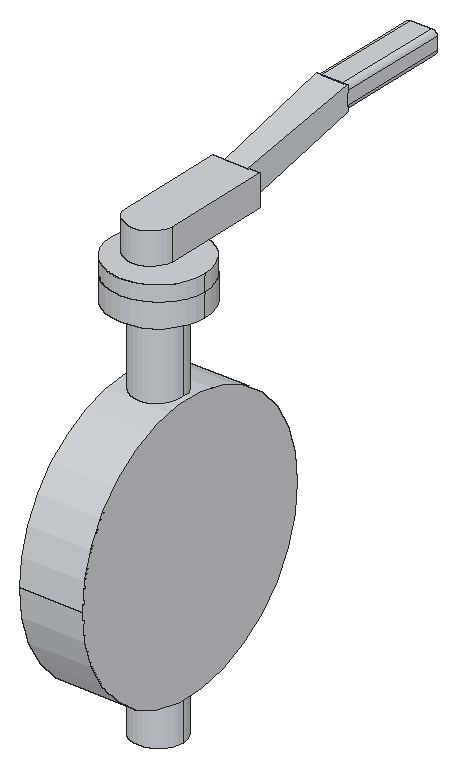
Revit family "HS497-67_disk-litina-s pákou DN200-RFA_2018", category Pipe Accessories, Revit 2018
Family settings
  Round Connector Dimension = Use Diameter
  Part Type = Valve - Breaks Into
  Work Plane-Based = No
  Always vertical = Yes
  Cut with Voids When Loaded = No
  Shared = No
Parameters (values of type "HS 497-67_DN200_PN16_s pákou")
  magiProductId = "f88d96c7af224537a51e72d7d8fffe"
  magiProductFamilyId = "53cea81e6f374d17b8841d9c72ad77"
  magiPartTypeId = 305
  isMeasuringValve [instance] = no
  ang2D [instance] = 0.00°
  X11 = 61.456 mm
  X1 = 25.456 mm
  W2D = 1000 mm
  VersionID = "2.0/2017.9.26.1/ZETKAMA_497_001"
  Use Minimum Symbol Size [instance] = yes
  URL = "http://www.hydronix.cz"
  Type Comments = "mezipřírubová; litinový disk; PN16; -10~+110°C (krátkodobě +120°C)"
  SW30 = no
  SW3 = no
  SW21 = no
  SW20 = yes
  SW2 = yes
  SW1 = no
  R = 100 mm
  QmdConnectorList = "301;D;302;D"
  Productdata [instance] = ""
  NC = 50 mm
  Model = ""
  Manufacturer = "Hydronix"  # constant formula
  MM20 = 25.456 mm
  MC Product Code = "120 200 (litinový disk, s pákou; DN200; PN16, kvs2675)"
  M41 = 66 mm
  M4 = 44 mm
  LHL = 315 mm
  LHH3 = 3.75 mm
  LHH1 = 71.25 mm
  LH1 = 105 mm
  L4R__ve = -L4R  # -12.8 mm
  L4R = 12.8 mm
  L42__ve = -L42  # -96 mm
  L42 = 96 mm
  L41__ve = -L41  # -19.2 mm
  L41 = 19.2 mm
  L2D_Min = 3048 mm
  L2D = 216 mm
  L2 = 30 mm
  L1 = 48 mm
  L = 60 mm
  H = 33 mm
  G22 = 11.25 mm
  G2 = 22.5 mm
  G1 = 90 mm
  G = 90 mm
  F = 17 mm
  E44 = 31.25 mm
  E42 = 62.5 mm
  E4 = 125 mm
  E23 = 7.5 mm
  E22 = 30 mm
  E21 = 15 mm
  Description = "Mezipřírubová uzavírací klapka s pákou; litinový disk, DN200; PN16; kvs2675"
  DR2 = 100 mm
  DR = 257 mm
  DD1 = 15.625 mm
  DD = 12.5 mm
  D = 200 mm
  CAT0 = yes
  B2__ve = -B2  # -70 mm
  B2 = 70 mm
  A2 = 22.5 mm
  A1 = 102.5 mm
Types (43, lengths in mm): name | magiProductId | X11 | X1 | Type Comments | SW30 | SW3 | SW20 | SW2 | SW1 | R | NC | MM20 | MC Product Code | M41 | M4 | LHL | LHH3 | LHH1 | LH1 | L4R__ve | L4R | L42__ve | L42 | L41__ve | L41 | L2 | L1 | L | H | G | F | E44 | E42 | E4 | E23 | E22 | E21 | Description | DR2 | DR | DD1 | DD | D | B2__ve | B2 | A2 | A1
  HS 497-67_DN100_PN16_volné vřeteno | "65d1b245f4f142c78569c0602d5754" | 61.456 | 25.456 | "mezipřírubová; litinový disk; PN16; -10~+110°C (krátkodobě +120°C)" | no | no | no | no | yes | 50 | 50 | 25.456 | "123 100 (litinový disk, s volným vřetenem; DN100; PN16, kvs512)" | 66 | 44 | 220 | 2.45 | 46.55 | 73.333 | -12.8 | 12.8 | -96 | 96 | -19.2 | 19.2 | 26 | 41.6 | 52 | 30 | 90 | 11 | 31.25 | 62.5 | 125 | 4.9 | 19.6 | 9.8 | "Mezipřírubová uzavírací klapka s volným vřetenem; litinový disk, DN100; PN16; kvs512" | 50 | 147 | 15.625 | 12.5 | 100 | -56 | 56 | 16.5 | 98.5
  HS 497-67_DN100_PN16_převodové kolo | "11e91b807e674d428c8e796fcdcfe2" | 61.456 | 25.456 | "mezipřírubová; litinový disk; PN16; -10~+110°C (krátkodobě +120°C)" | yes | yes | no | no | no | 50 | 50 | 25.456 | "125 100 (litinový disk, s převodovým kolem; DN100; PN16, kvs512)" | 65.25 | 43.5 | 220 | 2.45 | 46.55 | 73.333 | -12.8 | 12.8 | -96 | 96 | -19.2 | 19.2 | 26 | 41.6 | 52 | 30 | 90 | 11 | 31.25 | 62.5 | 125 | 4.9 | 19.6 | 9.8 | "Mezipřírubová uzavírací klapka s převodovým kolem; litinový disk, DN100; PN16; kvs512" | 50 | 147 | 15.625 | 12.5 | 100 | -56 | 56 | 16.5 | 98.5
  HS 497-67_DN100_PN16_s pákou | "28172f0b3f4b47b28323ac71cf8749" | 61.456 | 25.456 | "mezipřírubová; litinový disk; PN16; -10~+110°C (krátkodobě +120°C)" | no | no | yes | yes | no | 50 | 50 | 25.456 | "120 100 (litinový disk, s pákou; DN100; PN16, kvs512)" | 66 | 44 | 260 | 3 | 57 | 86.667 | -12.8 | 12.8 | -96 | 96 | -19.2 | 19.2 | 26 | 41.6 | 52 | 30 | 90 | 11 | 31.25 | 62.5 | 125 | 6 | 24 | 12 | "Mezipřírubová uzavírací klapka s pákou; litinový disk, DN100; PN16; kvs512" | 50 | 147 | 15.625 | 12.5 | 100 | -56 | 56 | 16.5 | 98.5
  HS 497-67_DN125_PN16_volné vřeteno | "0d813d910fc14f628bb3c2efbd185c" | 61.456 | 25.456 | "mezipřírubová; litinový disk; PN16; -10~+110°C (krátkodobě +120°C)" | no | no | no | no | yes | 62.5 | 50 | 25.456 | "123 125 (litinový disk, s volným vřetenem; DN125; PN16, kvs872)" | 66 | 44 | 220 | 2.45 | 46.55 | 73.333 | -12.8 | 12.8 | -96 | 96 | -19.2 | 19.2 | 28 | 44.8 | 56 | 33 | 90 | 14 | 31.25 | 62.5 | 125 | 4.9 | 19.6 | 9.8 | "Mezipřírubová uzavírací klapka s volným vřetenem; litinový disk, DN125; PN16; kvs872" | 62.5 | 180 | 15.625 | 12.5 | 125 | -64 | 64 | 18 | 99.5
  HS 497-67_DN125_PN16_převodové kolo | "c56b7c13f372467684996fb1e0e229" | 61.456 | 25.456 | "mezipřírubová; litinový disk; PN16; -10~+110°C (krátkodobě +120°C)" | yes | yes | no | no | no | 62.5 | 50 | 25.456 | "125 125 (litinový disk, s převodovým kolem; DN125; PN16, kvs872)" | 65.25 | 43.5 | 220 | 2.45 | 46.55 | 73.333 | -13.5 | 13.5 | -101.25 | 101.25 | -20.25 | 20.25 | 28 | 44.8 | 56 | 33 | 90 | 14 | 40 | 80 | 160 | 4.9 | 19.6 | 9.8 | "Mezipřírubová uzavírací klapka s převodovým kolem; litinový disk, DN125; PN16; kvs872" | 62.5 | 180 | 20 | 16 | 125 | -64 | 64 | 18 | 99.5
  HS 497-67_DN125_PN16_s pákou | "105993c79a91492399feef7931321a" | 61.456 | 25.456 | "mezipřírubová; litinový disk; PN16; -10~+110°C (krátkodobě +120°C)" | no | no | yes | yes | no | 62.5 | 50 | 25.456 | "120 125 (litinový disk, s pákou; DN125; PN16, kvs872)" | 66 | 44 | 315 | 3.75 | 71.25 | 105 | -12.8 | 12.8 | -96 | 96 | -19.2 | 19.2 | 28 | 44.8 | 56 | 33 | 90 | 14 | 31.25 | 62.5 | 125 | 7.5 | 30 | 15 | "Mezipřírubová uzavírací klapka s pákou; litinový disk, DN125; PN16; kvs872" | 62.5 | 180 | 15.625 | 12.5 | 125 | -64 | 64 | 18 | 99.5
  HS 497-67_DN150_PN16_volné vřeteno | "50c80cb8ab434f55ab7796e5ac1331" | 61.456 | 25.456 | "mezipřírubová; litinový disk; PN16; -10~+110°C (krátkodobě +120°C)" | no | no | no | no | yes | 75 | 50 | 25.456 | "123 150 (litinový disk, s volným vřetenem; DN150; PN16, kvs1347)" | 66 | 44 | 220 | 2.45 | 46.55 | 73.333 | -12.8 | 12.8 | -96 | 96 | -19.2 | 19.2 | 28 | 44.8 | 56 | 33 | 90 | 14 | 31.25 | 62.5 | 125 | 4.9 | 19.6 | 9.8 | "Mezipřírubová uzavírací klapka s volným vřetenem; litinový disk, DN150; PN16; kvs1347" | 75 | 206 | 15.625 | 12.5 | 150 | -58 | 58 | 19.3 | 98.7
  HS 497-67_DN150_PN16_převodové kolo | "d94a1a0cf83b476eb10011b327f709" | 61.456 | 25.456 | "mezipřírubová; litinový disk; PN16; -10~+110°C (krátkodobě +120°C)" | yes | yes | no | no | no | 75 | 50 | 25.456 | "125 150 (litinový disk, s převodovým kolem; DN150; PN16, kvs1347)" | 65.25 | 43.5 | 220 | 2.45 | 46.55 | 73.333 | -13.5 | 13.5 | -101.25 | 101.25 | -20.25 | 20.25 | 28 | 44.8 | 56 | 33 | 90 | 14 | 40 | 80 | 160 | 4.9 | 19.6 | 9.8 | "Mezipřírubová uzavírací klapka s převodovým kolem; litinový disk, DN150; PN16; kvs1347" | 75 | 206 | 20 | 16 | 150 | -58 | 58 | 19.3 | 98.7
  HS 497-67_DN150_PN16_s pákou | "4d2835523fe84828bc50ff0a5a0dfb" | 61.456 | 25.456 | "mezipřírubová; litinový disk; PN16; -10~+110°C (krátkodobě +120°C)" | no | no | yes | yes | no | 75 | 50 | 25.456 | "120 150 (litinový disk, s pákou; DN150; PN16, kvs1347)" | 66 | 44 | 315 | 3.75 | 71.25 | 105 | -12.8 | 12.8 | -96 | 96 | -19.2 | 19.2 | 28 | 44.8 | 56 | 33 | 90 | 14 | 31.25 | 62.5 | 125 | 7.5 | 30 | 15 | "Mezipřírubová uzavírací klapka s pákou; litinový disk, DN150; PN16; kvs1347" | 75 | 206 | 15.625 | 12.5 | 150 | -58 | 58 | 19.3 | 98.7
  HS 497-67_DN200_PN16_volné vřeteno | "5b29029eaeba47139ee1055a4b9201" | 61.456 | 25.456 | "mezipřírubová; litinový disk; PN16; -10~+110°C (krátkodobě +120°C)" | no | no | no | no | yes | 100 | 50 | 25.456 | "123 200 (litinový disk, s volným vřetenem; DN200; PN16, kvs2675)" | 66 | 44 | 220 | 2.45 | 46.55 | 73.333 | -12.8 | 12.8 | -96 | 96 | -19.2 | 19.2 | 30 | 48 | 60 | 33 | 90 | 17 | 31.25 | 62.5 | 125 | 4.9 | 19.6 | 9.8 | "Mezipřírubová uzavírací klapka s volným vřetenem; litinový disk, DN200; PN16; kvs2675" | 100 | 257 | 15.625 | 12.5 | 200 | -70 | 70 | 22.5 | 102.5
  HS 497-67_DN200_PN16_převodové kolo | "b2793cc1fcc44cf2a35062cd67c04f" | 61.456 | 25.456 | "mezipřírubová; litinový disk; PN16; -10~+110°C (krátkodobě +120°C)" | yes | yes | no | no | no | 100 | 57 | 25.456 | "125 200 (litinový disk, s převodovým kolem; DN200; PN16, kvs2675)" | 78.75 | 52.5 | 220 | 2.45 | 46.55 | 73.333 | -15.2 | 15.2 | -114 | 114 | -22.8 | 22.8 | 30 | 48 | 60 | 33 | 90 | 17 | 50 | 100 | 200 | 4.9 | 19.6 | 9.8 | "Mezipřírubová uzavírací klapka s převodovým kolem; litinový disk, DN200; PN16; kvs2675" | 100 | 257 | 25 | 20 | 200 | -70 | 70 | 22.5 | 102.5
  HS 497-67_DN200_PN16_s pákou | "f88d96c7af224537a51e72d7d8fffe" | 61.456 | 25.456 | "mezipřírubová; litinový disk; PN16; -10~+110°C (krátkodobě +120°C)" | no | no | yes | yes | no | 100 | 50 | 25.456 | "120 200 (litinový disk, s pákou; DN200; PN16, kvs2675)" | 66 | 44 | 315 | 3.75 | 71.25 | 105 | -12.8 | 12.8 | -96 | 96 | -19.2 | 19.2 | 30 | 48 | 60 | 33 | 90 | 17 | 31.25 | 62.5 | 125 | 7.5 | 30 | 15 | "Mezipřírubová uzavírací klapka s pákou; litinový disk, DN200; PN16; kvs2675" | 100 | 257 | 15.625 | 12.5 | 200 | -70 | 70 | 22.5 | 102.5
  HS 497-67_DN250_PN16_volné vřeteno | "b662e8305ca2402b9c510e66e6aa55" | 88.77 | 36.77 | "mezipřírubová; litinový disk; PN16; -10~+110°C (krátkodobě +120°C)" | no | no | no | no | yes | 125 | 50 | 36.77 | "123 250 (litinový disk, s volným vřetenem; DN250; PN16, kvs4555)" | 66 | 44 | 220 | 2.45 | 46.55 | 73.333 | -12.8 | 12.8 | -96 | 96 | -19.2 | 19.2 | 34 | 54.4 | 68 | 23 | 130 | 22 | 31.25 | 62.5 | 125 | 4.9 | 19.6 | 9.8 | "Mezipřírubová uzavírací klapka s volným vřetenem; litinový disk, DN250; PN16; kvs4555" | 125 | 324 | 15.625 | 12.5 | 250 | -85 | 85 | 28.25 | 129.25
  HS 497-67_DN250_PN16_převodové kolo | "5ee9016806664ddfaa2632711f295c" | 88.77 | 36.77 | "mezipřírubová; litinový disk; PN16; -10~+110°C (krátkodobě +120°C)" | yes | yes | no | no | no | 125 | 70 | 36.77 | "125 250 (litinový disk, s převodovým kolem; DN250; PN16, kvs4555)" | 91.5 | 61 | 220 | 2.45 | 46.55 | 73.333 | -22.2 | 22.2 | -166.5 | 166.5 | -33.3 | 33.3 | 34 | 54.4 | 68 | 23 | 130 | 22 | 62.5 | 125 | 250 | 4.9 | 19.6 | 9.8 | "Mezipřírubová uzavírací klapka s převodovým kolem; litinový disk, DN250; PN16; kvs4555" | 125 | 324 | 31.25 | 25 | 250 | -85 | 85 | 28.25 | 129.25
  HS 497-67_DN300_PN16_volné vřeteno | "e1886f51ff004380a649519258edf2" | 88.77 | 36.77 | "mezipřírubová; litinový disk; PN16; -10~+110°C (krátkodobě +120°C)" | no | no | no | no | yes | 150 | 50 | 36.77 | "123 300 (litinový disk, s volným vřetenem; DN300; PN16, kvs7037)" | 66 | 44 | 220 | 2.45 | 46.55 | 73.333 | -12.8 | 12.8 | -96 | 96 | -19.2 | 19.2 | 39 | 62.4 | 78 | 23 | 130 | 22 | 31.25 | 62.5 | 125 | 4.9 | 19.6 | 9.8 | "Mezipřírubová uzavírací klapka s volným vřetenem; litinový disk, DN300; PN16; kvs7037" | 150 | 376 | 15.625 | 12.5 | 300 | -90 | 90 | 30.8 | 127.2
  HS 497-67_DN300_PN16_převodové kolo | "6860f094f77d42088fbebc3c97f755" | 88.77 | 36.77 | "mezipřírubová; litinový disk; PN16; -10~+110°C (krátkodobě +120°C)" | yes | yes | no | no | no | 150 | 70 | 36.77 | "125 300 (litinový disk, s převodovým kolem; DN300; PN16, kvs7037)" | 91.5 | 61 | 220 | 2.45 | 46.55 | 73.333 | -22.2 | 22.2 | -166.5 | 166.5 | -33.3 | 33.3 | 39 | 62.4 | 78 | 23 | 130 | 22 | 62.5 | 125 | 250 | 4.9 | 19.6 | 9.8 | "Mezipřírubová uzavírací klapka s převodovým kolem; litinový disk, DN300; PN16; kvs7037" | 150 | 376 | 31.25 | 25 | 300 | -90 | 90 | 30.8 | 127.2
  HS 497-67_DN032_PN16_volné vřeteno | "8c5f65de52aa4067a77564107e31b2" | 61.456 | 25.456 | "mezipřírubová; litinový disk; PN16; -10~+110°C (krátkodobě +120°C)" | no | no | no | no | yes | 16 | 50 | 25.456 | "123 032 (litinový disk, s volným vřetenem; DN32; PN16, kvs78)" | 66 | 44 | 220 | 2.45 | 46.55 | 73.333 | -12.8 | 12.8 | -96 | 96 | -19.2 | 19.2 | 16.5 | 26.4 | 33 | 30 | 90 | 11 | 31.25 | 62.5 | 125 | 4.9 | 19.6 | 9.8 | "Mezipřírubová uzavírací klapka s volným vřetenem; litinový disk, DN32; PN16; kvs78" | 16 | 68 | 15.625 | 12.5 | 32 | -44.2 | 44.2 | 10.25 | 76.25
  HS 497-67_DN032_PN16_převodové kolo | "60aaeffa8b3a4e809ef000e4660060" | 61.456 | 25.456 | "mezipřírubová; litinový disk; PN16; -10~+110°C (krátkodobě +120°C)" | yes | yes | no | no | no | 16 | 50 | 25.456 | "125 032 (litinový disk, s převodovým kolem; DN32; PN16, kvs78)" | 65.25 | 43.5 | 220 | 2.45 | 46.55 | 73.333 | -12.8 | 12.8 | -96 | 96 | -19.2 | 19.2 | 16.5 | 26.4 | 33 | 30 | 90 | 11 | 31.25 | 62.5 | 125 | 4.9 | 19.6 | 9.8 | "Mezipřírubová uzavírací klapka s převodovým kolem; litinový disk, DN32; PN16; kvs78" | 16 | 68 | 15.625 | 12.5 | 32 | -44.2 | 44.2 | 10.25 | 76.25
  HS 497-67_DN032_PN16_s pákou | "9ad8088d610749a1b871aa2aad8007" | 61.456 | 25.456 | "mezipřírubová; litinový disk; PN16; -10~+110°C (krátkodobě +120°C)" | no | no | yes | yes | no | 16 | 50 | 25.456 | "120 032 (litinový disk, s pákou; DN32; PN16, kvs78)" | 66 | 44 | 220 | 2.45 | 46.55 | 73.333 | -12.8 | 12.8 | -96 | 96 | -19.2 | 19.2 | 16.5 | 26.4 | 33 | 30 | 90 | 11 | 31.25 | 62.5 | 125 | 4.9 | 19.6 | 9.8 | "Mezipřírubová uzavírací klapka s pákou; litinový disk, DN32; PN16; kvs78" | 16 | 68 | 15.625 | 12.5 | 32 | -44.2 | 44.2 | 10.25 | 76.25
  HS 497-67_DN350_PN10_volné vřeteno | "72a1e05f22944421b7e9596a877137" | 109.255 | 45.255 | "mezipřírubová; litinový disk; PN10; -10~+110°C (krátkodobě +120°C)" | no | no | no | no | yes | 175 | 50 | 45.255 | "123 350 (litinový disk, s volným vřetenem; DN350; PN10, kvs10165)" | 66 | 44 | 220 | 2.45 | 46.55 | 73.333 | -12.8 | 12.8 | -96 | 96 | -19.2 | 19.2 | 39 | 62.4 | 78 | 31 | 160 | 22 | 31.25 | 62.5 | 125 | 4.9 | 19.6 | 9.8 | "Mezipřírubová uzavírací klapka s volným vřetenem; litinový disk, DN350; PN10; kvs10165" | 175 | 430 | 15.625 | 12.5 | 350 | -88 | 88 | 33.85 | 129.65
  HS 497-67_DN350_PN10_převodové kolo | "a5a01426cb28494ba3afca92f1dace" | 109.255 | 45.255 | "mezipřírubová; litinový disk; PN10; -10~+110°C (krátkodobě +120°C)" | yes | yes | no | no | no | 175 | 70 | 45.255 | "125 350 (litinový disk, s převodovým kolem; DN350; PN10, kvs10165)" | 91.5 | 61 | 220 | 2.45 | 46.55 | 73.333 | -22.2 | 22.2 | -166.5 | 166.5 | -33.3 | 33.3 | 39 | 62.4 | 78 | 31 | 160 | 22 | 62.5 | 125 | 250 | 4.9 | 19.6 | 9.8 | "Mezipřírubová uzavírací klapka s převodovým kolem; litinový disk, DN350; PN10; kvs10165" | 175 | 430 | 31.25 | 25 | 350 | -88 | 88 | 33.85 | 129.65
  HS 497-67_DN400_PN10_volné vřeteno | "c70ebeb927c04ab99b176e257ad0a7" | 109.255 | 45.255 | "mezipřírubová; litinový disk; PN10; -10~+110°C (krátkodobě +120°C)" | no | no | no | no | yes | 200 | 50 | 45.255 | "123 400 (litinový disk, s volným vřetenem; DN400; PN10, kvs13799)" | 66 | 44 | 220 | 2.45 | 46.55 | 73.333 | -12.8 | 12.8 | -96 | 96 | -19.2 | 19.2 | 51 | 81.6 | 102 | 31 | 160 | 27 | 31.25 | 62.5 | 125 | 4.9 | 19.6 | 9.8 | "Mezipřírubová uzavírací klapka s volným vřetenem; litinový disk, DN400; PN10; kvs13799" | 200 | 485 | 15.625 | 12.5 | 400 | -108 | 108 | 38 | 142
  HS 497-67_DN400_PN10_převodové kolo | "cc64a4384dcb41b780d81810f4f293" | 109.255 | 45.255 | "mezipřírubová; litinový disk; PN10; -10~+110°C (krátkodobě +120°C)" | yes | yes | no | no | no | 200 | 72.5 | 45.255 | "125 400 (litinový disk, s převodovým kolem; DN400; PN10, kvs13799)" | 103.5 | 69 | 220 | 2.45 | 46.55 | 73.333 | -27.8 | 27.8 | -208.5 | 208.5 | -41.7 | 41.7 | 51 | 81.6 | 102 | 31 | 160 | 27 | 75 | 150 | 300 | 4.9 | 19.6 | 9.8 | "Mezipřírubová uzavírací klapka s převodovým kolem; litinový disk, DN400; PN10; kvs13799" | 200 | 485 | 37.5 | 30 | 400 | -108 | 108 | 38 | 142
  HS 497-67_DN040_PN16_volné vřeteno | "35f92312390745e88df5b5c325d9ee" | 61.456 | 25.456 | "mezipřírubová; litinový disk; PN16; -10~+110°C (krátkodobě +120°C)" | no | no | no | no | yes | 20 | 50 | 25.456 | "123 040 (litinový disk, s volným vřetenem; DN40; PN16, kvs78)" | 66 | 44 | 220 | 2.45 | 46.55 | 73.333 | -12.8 | 12.8 | -96 | 96 | -19.2 | 19.2 | 16.5 | 26.4 | 33 | 30 | 90 | 11 | 31.25 | 62.5 | 125 | 4.9 | 19.6 | 9.8 | "Mezipřírubová uzavírací klapka s volným vřetenem; litinový disk, DN40; PN16; kvs78" | 20 | 76 | 15.625 | 12.5 | 40 | -36 | 36 | 11 | 79
  HS 497-67_DN040_PN16_převodové kolo | "d88e968eae3445bc9b7b4e6ff35127" | 61.456 | 25.456 | "mezipřírubová; litinový disk; PN16; -10~+110°C (krátkodobě +120°C)" | yes | yes | no | no | no | 20 | 50 | 25.456 | "125 040 (litinový disk, s převodovým kolem; DN40; PN16, kvs78)" | 65.25 | 43.5 | 220 | 2.45 | 46.55 | 73.333 | -12.8 | 12.8 | -96 | 96 | -19.2 | 19.2 | 16.5 | 26.4 | 33 | 30 | 90 | 11 | 31.25 | 62.5 | 125 | 4.9 | 19.6 | 9.8 | "Mezipřírubová uzavírací klapka s převodovým kolem; litinový disk, DN40; PN16; kvs78" | 20 | 76 | 15.625 | 12.5 | 40 | -36 | 36 | 11 | 79
  HS 497-67_DN040_PN16_s pákou | "c1b522ca65b4407a98818f232eaacb" | 61.456 | 25.456 | "mezipřírubová; litinový disk; PN16; -10~+110°C (krátkodobě +120°C)" | no | no | yes | yes | no | 20 | 50 | 25.456 | "120 040 (litinový disk, s pákou; DN40; PN16, kvs78)" | 66 | 44 | 220 | 2.45 | 46.55 | 73.333 | -12.8 | 12.8 | -96 | 96 | -19.2 | 19.2 | 16.5 | 26.4 | 33 | 30 | 90 | 11 | 31.25 | 62.5 | 125 | 4.9 | 19.6 | 9.8 | "Mezipřírubová uzavírací klapka s pákou; litinový disk, DN40; PN16; kvs78" | 20 | 76 | 15.625 | 12.5 | 40 | -36 | 36 | 11 | 79
  HS 497-67_DN450_PN10_volné vřeteno | "a8358bc282f14872b3194e530e590a" | 129.74 | 53.74 | "mezipřírubová; litinový disk; PN10; -10~+110°C (krátkodobě +120°C)" | no | no | no | no | yes | 225 | 50 | 53.74 | "123 450 (litinový disk, s volným vřetenem; DN450; PN10, kvs18514)" | 66 | 44 | 220 | 2.45 | 46.55 | 73.333 | -12.8 | 12.8 | -96 | 96 | -19.2 | 19.2 | 57 | 91.2 | 114 | 38 | 190 | 36 | 31.25 | 62.5 | 125 | 4.9 | 19.6 | 9.8 | "Mezipřírubová uzavírací klapka s volným vřetenem; litinový disk, DN450; PN10; kvs18514" | 225 | 536 | 15.625 | 12.5 | 450 | -115 | 115 | 38.05 | 117.45
  HS 497-67_DN450_PN10_převodové kolo | "cdf2d80f54a9414f9cbe50647c0ebd" | 129.74 | 53.74 | "mezipřírubová; litinový disk; PN10; -10~+110°C (krátkodobě +120°C)" | yes | yes | no | no | no | 225 | 91.5 | 53.74 | "125 450 (litinový disk, s převodovým kolem; DN450; PN10, kvs18514)" | 144.75 | 96.5 | 220 | 2.45 | 46.55 | 73.333 | -32.1 | 32.1 | -240.75 | 240.75 | -48.15 | 48.15 | 57 | 91.2 | 114 | 38 | 190 | 36 | 100 | 200 | 400 | 4.9 | 19.6 | 9.8 | "Mezipřírubová uzavírací klapka s převodovým kolem; litinový disk, DN450; PN10; kvs18514" | 225 | 536 | 50 | 40 | 450 | -115 | 115 | 38.05 | 117.45
  HS 497-67_DN500_PN10_volné vřeteno | "8c396e27bb2743f98f3c762b6517cd" | 143.397 | 59.397 | "mezipřírubová; litinový disk; PN10; -10~+110°C (krátkodobě +120°C)" | no | no | no | no | yes | 250 | 50 | 59.397 | "123 500 (litinový disk, s volným vřetenem; DN500; PN10, kvs23805)" | 66 | 44 | 220 | 2.45 | 46.55 | 73.333 | -12.8 | 12.8 | -96 | 96 | -19.2 | 19.2 | 63.5 | 101.6 | 127 | 38 | 210 | 36 | 31.25 | 62.5 | 125 | 4.9 | 19.6 | 9.8 | "Mezipřírubová uzavírací klapka s volným vřetenem; litinový disk, DN500; PN10; kvs23805" | 250 | 593 | 15.625 | 12.5 | 500 | -130 | 130 | 43.25 | 139.25
  HS 497-67_DN500_PN10_převodové kolo | "7647804f32e94cef828a7034a91a46" | 143.397 | 59.397 | "mezipřírubová; litinový disk; PN10; -10~+110°C (krátkodobě +120°C)" | yes | yes | no | no | no | 250 | 91.5 | 59.397 | "125 500 (litinový disk, s převodovým kolem; DN500; PN10, kvs23805)" | 144.75 | 96.5 | 220 | 2.45 | 46.55 | 73.333 | -32.1 | 32.1 | -240.75 | 240.75 | -48.15 | 48.15 | 63.5 | 101.6 | 127 | 38 | 210 | 36 | 100 | 200 | 400 | 4.9 | 19.6 | 9.8 | "Mezipřírubová uzavírací klapka s převodovým kolem; litinový disk, DN500; PN10; kvs23805" | 250 | 593 | 50 | 40 | 500 | -130 | 130 | 43.25 | 139.25
  HS 497-67_DN050_PN16_volné vřeteno | "d71f296ecd6d4adf8f6e5d9853b4e0" | 61.456 | 25.456 | "mezipřírubová; litinový disk; PN16; -10~+110°C (krátkodobě +120°C)" | no | no | no | no | yes | 25 | 50 | 25.456 | "123 050 (litinový disk, s volným vřetenem; DN50; PN16, kvs98)" | 66 | 44 | 220 | 2.45 | 46.55 | 73.333 | -12.8 | 12.8 | -96 | 96 | -19.2 | 19.2 | 21.5 | 34.4 | 43 | 30 | 90 | 11 | 31.25 | 62.5 | 125 | 4.9 | 19.6 | 9.8 | "Mezipřírubová uzavírací klapka s volným vřetenem; litinový disk, DN50; PN16; kvs98" | 25 | 100 | 15.625 | 12.5 | 50 | -36.5 | 36.5 | 12 | 83
  HS 497-67_DN050_PN16_převodové kolo | "2fb080deeaed49c58418b94c1da5a4" | 61.456 | 25.456 | "mezipřírubová; litinový disk; PN16; -10~+110°C (krátkodobě +120°C)" | yes | yes | no | no | no | 25 | 50 | 25.456 | "125 050 (litinový disk, s převodovým kolem; DN50; PN16, kvs98)" | 65.25 | 43.5 | 220 | 2.45 | 46.55 | 73.333 | -12.8 | 12.8 | -96 | 96 | -19.2 | 19.2 | 21.5 | 34.4 | 43 | 30 | 90 | 11 | 31.25 | 62.5 | 125 | 4.9 | 19.6 | 9.8 | "Mezipřírubová uzavírací klapka s převodovým kolem; litinový disk, DN50; PN16; kvs98" | 25 | 100 | 15.625 | 12.5 | 50 | -36.5 | 36.5 | 12 | 83
  HS 497-67_DN050_PN16_s pákou | "dabc632061f94877a994b9b4e68112" | 61.456 | 25.456 | "mezipřírubová; litinový disk; PN16; -10~+110°C (krátkodobě +120°C)" | no | no | yes | yes | no | 25 | 50 | 25.456 | "120 050 (litinový disk, s pákou; DN50; PN16, kvs98)" | 66 | 44 | 220 | 2.45 | 46.55 | 73.333 | -12.8 | 12.8 | -96 | 96 | -19.2 | 19.2 | 21.5 | 34.4 | 43 | 30 | 90 | 11 | 31.25 | 62.5 | 125 | 4.9 | 19.6 | 9.8 | "Mezipřírubová uzavírací klapka s pákou; litinový disk, DN50; PN16; kvs98" | 25 | 100 | 15.625 | 12.5 | 50 | -36.5 | 36.5 | 12 | 83
  HS 497-67_DN600_PN10_volné vřeteno | "99d5892c14664fce81a7c5903f7711" | 143.397 | 59.397 | "mezipřírubová; litinový disk; PN10; -10~+110°C (krátkodobě +120°C)" | no | no | no | no | yes | 300 | 50 | 59.397 | "123 600 (litinový disk, s volným vřetenem; DN600; PN10, kvs36778)" | 66 | 44 | 220 | 2.45 | 46.55 | 73.333 | -12.8 | 12.8 | -96 | 96 | -19.2 | 19.2 | 77 | 123.2 | 154 | 80 | 210 | 60 | 31.25 | 62.5 | 125 | 4.9 | 19.6 | 9.8 | "Mezipřírubová uzavírací klapka s volným vřetenem; litinový disk, DN600; PN10; kvs36788" | 300 | 690 | 15.625 | 12.5 | 600 | -140 | 140 | 49.4 | 144.6
  HS 497-67_DN600_PN10_převodové kolo | "b1e26faab48a4c499f6bb11e7e3002" | 143.397 | 59.397 | "mezipřírubová; litinový disk; PN10; -10~+110°C (krátkodobě +120°C)" | yes | yes | no | no | no | 300 | 140 | 59.397 | "125 600 (litinový disk, s převodovým kolem; DN600; PN10, kvs36778)" | 206.25 | 137.5 | 220 | 2.45 | 46.55 | 73.333 | -40.8 | 40.8 | -306 | 306 | -61.2 | 61.2 | 77 | 123.2 | 154 | 80 | 210 | 60 | 125 | 250 | 500 | 4.9 | 19.6 | 9.8 | "Mezipřírubová uzavírací klapka s převodovým kolem; litinový disk, DN600; PN10; kvs36788" | 300 | 690 | 62.5 | 50 | 600 | -140 | 140 | 49.4 | 144.6
  HS 497-67_DN065_PN16_volné vřeteno | "5e5e208646e34ec29f889baab5d08e" | 61.456 | 25.456 | "mezipřírubová; litinový disk; PN16; -10~+110°C (krátkodobě +120°C)" | no | no | no | no | yes | 32.5 | 50 | 25.456 | "123 065 (litinový disk, s volným vřetenem; DN65; PN16, kvs167)" | 66 | 44 | 220 | 2.45 | 46.55 | 73.333 | -12.8 | 12.8 | -96 | 96 | -19.2 | 19.2 | 23 | 36.8 | 46 | 30 | 90 | 11 | 31.25 | 62.5 | 125 | 4.9 | 19.6 | 9.8 | "Mezipřírubová uzavírací klapka s volným vřetenem; litinový disk, DN65; PN16; kv167" | 32.5 | 108 | 15.625 | 12.5 | 65 | -36.5 | 36.5 | 13.5 | 89
  HS 497-67_DN065_PN16_převodové kolo | "654d74c8d15540b0bfe523d988ccb3" | 61.456 | 25.456 | "mezipřírubová; litinový disk; PN16; -10~+110°C (krátkodobě +120°C)" | yes | yes | no | no | no | 32.5 | 50 | 25.456 | "125 065 (litinový disk, s převodovým kolem; DN65; PN16, kvs167)" | 65.25 | 43.5 | 220 | 2.45 | 46.55 | 73.333 | -12.8 | 12.8 | -96 | 96 | -19.2 | 19.2 | 23 | 36.8 | 46 | 30 | 90 | 11 | 31.25 | 62.5 | 125 | 4.9 | 19.6 | 9.8 | "Mezipřírubová uzavírací klapka s převodovým kolem; litinový disk, DN65; PN16; kvs167" | 32.5 | 108 | 15.625 | 12.5 | 65 | -36.5 | 36.5 | 13.5 | 89
  HS 497-67_DN065_PN16_s pákou | "ebeb4b59db0641caaf6d6635ab37b9" | 61.456 | 25.456 | "mezipřírubová; litinový disk; PN16; -10~+110°C (krátkodobě +120°C)" | no | no | yes | yes | no | 32.5 | 50 | 25.456 | "120 065 (litinový disk, s pákou; DN65; PN16, kvs167)" | 66 | 44 | 220 | 2.45 | 46.55 | 73.333 | -12.8 | 12.8 | -96 | 96 | -19.2 | 19.2 | 23 | 36.8 | 46 | 30 | 90 | 11 | 31.25 | 62.5 | 125 | 4.9 | 19.6 | 9.8 | "Mezipřírubová uzavírací klapka s pákou; litinový disk, DN65; PN16; kvs167" | 32.5 | 108 | 15.625 | 12.5 | 65 | -36.5 | 36.5 | 13.5 | 89
  HS 497-67_DN080_PN16_volné vřeteno | "9e85c75c18654e1185a9c48ed6b00e" | 61.456 | 25.456 | "mezipřírubová; litinový disk; PN16; -10~+110°C (krátkodobě +120°C)" | no | no | no | no | yes | 40 | 50 | 25.456 | "123 080 (litinový disk, s volným vřetenem; DN80; PN16, kvs258)" | 66 | 44 | 220 | 2.45 | 46.55 | 73.333 | -12.8 | 12.8 | -96 | 96 | -19.2 | 19.2 | 23 | 36.8 | 46 | 30 | 90 | 11 | 31.25 | 62.5 | 125 | 4.9 | 19.6 | 9.8 | "Mezipřírubová uzavírací klapka s volným vřetenem; litinový disk, DN80; PN16; kvs258" | 40 | 124 | 15.625 | 12.5 | 80 | -54 | 54 | 14.1 | 86.9
  HS 497-67_DN080_PN16_převodové kolo | "5b3c8238c3d041e68c75b199e7ea46" | 61.456 | 25.456 | "mezipřírubová; litinový disk; PN16; -10~+110°C (krátkodobě +120°C)" | yes | yes | no | no | no | 40 | 50 | 25.456 | "125 080 (litinový disk, s převodovým kolem; DN80; PN16, kvs258)" | 65.25 | 43.5 | 220 | 2.45 | 46.55 | 73.333 | -12.8 | 12.8 | -96 | 96 | -19.2 | 19.2 | 23 | 36.8 | 46 | 30 | 90 | 11 | 31.25 | 62.5 | 125 | 4.9 | 19.6 | 9.8 | "Mezipřírubová uzavírací klapka s převodovým kolem; litinový disk, DN80; PN16; kvs258" | 40 | 124 | 15.625 | 12.5 | 80 | -54 | 54 | 14.1 | 86.9
  HS 497-67_DN080_PN16_s pákou | "e414795fab0f4eccb99bc3572c5477" | 61.456 | 25.456 | "mezipřírubová; litinový disk; PN16; -10~+110°C (krátkodobě +120°C)" | no | no | yes | yes | no | 40 | 50 | 25.456 | "120 080 (litinový disk, s pákou; DN80; PN16, kvs258)" | 66 | 44 | 260 | 3 | 57 | 86.667 | -12.8 | 12.8 | -96 | 96 | -19.2 | 19.2 | 23 | 36.8 | 46 | 30 | 90 | 11 | 31.25 | 62.5 | 125 | 6 | 24 | 12 | "Mezipřírubová uzavírací klapka s pákou; litinový disk, DN80; PN16; kvs258" | 40 | 124 | 15.625 | 12.5 | 80 | -54 | 54 | 14.1 | 86.9
  HS 497-67_DN250_PN16_s pákou | "" | 88.77 | 36.77 | "mezipřírubová; litinový disk; PN16; -10~+110°C (krátkodobě +120°C)" | no | no | yes | yes | no | 125 | 70 | 36.77 | "120 250 (litinový disk, s pákou; DN250; PN16, kvs4555)" | 91.5 | 61 | 220 | 2.45 | 46.55 | 73.333 | -22.2 | 22.2 | -166.5 | 166.5 | -33.3 | 33.3 | 34 | 54.4 | 68 | 23 | 130 | 22 | 62.5 | 125 | 250 | 4.9 | 19.6 | 9.8 | "Mezipřírubová uzavírací klapka s pákou; litinový disk, DN250; PN16; kvs4555" | 125 | 324 | 31.25 | 25 | 250 | -85 | 85 | 28.25 | 129.25
  HS 497-67_DN300_PN16_s pákou | "" | 88.77 | 36.77 | "mezipřírubová; litinový disk; PN16; -10~+110°C (krátkodobě +120°C)" | no | no | yes | yes | no | 150 | 70 | 36.77 | "120 300 (litinový disk, s pákou; DN300; PN16, kvs7037)" | 91.5 | 61 | 220 | 2.45 | 46.55 | 73.333 | -22.2 | 22.2 | -166.5 | 166.5 | -33.3 | 33.3 | 39 | 62.4 | 78 | 23 | 130 | 22 | 62.5 | 125 | 250 | 4.9 | 19.6 | 9.8 | "Mezipřírubová uzavírací klapka s pákou; litinový disk, DN300; PN16; kvs7037" | 150 | 376 | 31.25 | 25 | 300 | -90 | 90 | 30.8 | 127.2
Reference planes
  plane 1 "Center (Front/Back)": y = 0
  plane 2 "XYPLANE": z = 0
  plane 3 "Center (Left/Right)": x = 0
  plane 4 "473": x = -25.456
  plane 5 "472": x = -66
  plane 6 "471": y = -25.456
  plane 7 "470": y = 25.456
  plane 8 "469": x = -44
  plane 9 "468": y = -115.2
  plane 10 "467": y = -96
  plane 11 "466": z = 256.25
  plane 12 "465": z = 296.25
  plane 13 "464": y = 208.75
  plane 14 "463": z = 281.25
  plane 15 "462": z = 255
  plane 16 "461": z = 270
  plane 17 "460": y = 103.75
  plane 18 "459": x = -11.25
  plane 19 "458": x = 11.25
  plane 20 "457": y = -6.25
  plane 21 "456": x = -17.5
  plane 22 "455": x = 17.5
  plane 23 "454": z = 277.5
  plane 24 "453": y = 93.75
  plane 25 "452": y = -11.25
  plane 26 "451": x = -22.5
  plane 27 "450": x = 22.5
  plane 28 "449": z = 247.5
  plane 29 "448": z = 240
  plane 30 "447": z = -100
  plane 31 "446": z = 225
  plane 32 "445": z = 202.5
  plane 33 "444": z = 100
  plane 34 "443": x = 30
  plane 35 "442": x = -30
  plane 36 "441": z = 0
  plane 37 "440": y = 0
  plane 38 "439": x = 0
  plane 39 "438": z = 300
  plane 40 "437": z = 277.5
  plane 41 "436": x = 15
  plane 42 "435": x = -15
  plane 43 "434": y = 315
Forms (mm)
  Extrusion 1, solid, visible <- "SW3"
    sketch origin (-750, 0, 225) x (1, 0, 0) y (0, 1, 0)
      loop
        line (684, 25.456) -> (684, -25.456) -> (724.544, -25.456)
        arc (724.544, -25.456) -> (786, 0) -> (724.544, 25.456) r 36
        line (724.544, 25.456) -> (684, 25.456)
    from 0 to 62.5 <- "E42"
  Extrusion 2, solid, visible <- "SW30"
    sketch origin (0, -750, 0) x (0, 1, 0) y (0, 0, 1)
      loop
        circle (750, 256.25) r 7.813
    from 0 to 50 <- "NC"
  Extrusion 3, solid, visible <- "SW30"
    sketch origin (750, -115.2, 0) x (-1, 0, 0) y (0, 0, 1)
      loop
        circle (794, 256.25) r 62.5
    from 0 to -12.8 <- "L4R__ve"
  Extrusion 4, solid, visible <- "SW3"
    sketch origin (750, -96, 0) x (-1, 0, 0) y (0, 0, 1)
      loop
        circle (794, 256.25) r 7.813
    from 0 to -19.2 <- "L41__ve"
  Extrusion 5, solid, visible <- "SW30"
    sketch origin (750, 0, 0) x (-1, 0, 0) y (0, 0, 1)
      loop
        circle (794, 256.25) r 6.25
    from 0 to -96 <- "L42__ve"
  Blend 6, solid, visible <- "SW21"
    base sketch origin (750, 103.75, 0) x (-1, 0, 0) y (0, 0, 1)
      loop
        line (761.25, 270) -> (738.75, 270) -> (738.75, 255) -> (761.25, 255) -> (761.25, 270)
    top sketch origin (750, 103.75, 0) x (-1, 0, 0) y (0, 0, 1)
      loop
        line (761.25, 296.25) -> (738.75, 296.25) -> (738.75, 281.25) -> (761.25, 281.25) -> (761.25, 296.25)
    from 0 to 105
  Blend 7, solid, visible <- "SW21"
    base sketch origin (750, 93.75, 0) x (-1, 0, 0) y (0, 0, 1)
      loop
        line (761.25, 277.5) -> (738.75, 277.5) -> (738.75, 247.5) -> (761.25, 247.5) -> (761.25, 277.5)
    top sketch origin (750, 93.75, 0) x (-1, 0, 0) y (0, 0, 1)
      loop
        line (761.25, 270) -> (738.75, 270) -> (738.75, 255) -> (761.25, 255) -> (761.25, 270)
    from 0 to 10
  Blend 8, solid, visible <- "SW21"
    base sketch origin (-750, 0, 247.5) x (1, 0, 0) y (0, 1, 0)
      loop
        line (772.5, 93.75) -> (727.5, 93.75) -> (727.5, -11.25)
        arc (727.5, -11.25) -> (750, -31.25) -> (772.5, -11.25) r 22.656
        line (772.5, -11.25) -> (772.5, 93.75)
    top sketch origin (-750, 0, 247.5) x (1, 0, 0) y (0, 1, 0)
      loop
        line (767.5, 93.75) -> (732.5, 93.75) -> (732.5, -6.25)
        arc (732.5, -6.25) -> (750, -26.25) -> (767.5, -6.25) r 17.656
        line (767.5, -6.25) -> (767.5, 93.75)
    from 0 to 30
  Extrusion 9, solid, visible <- "SW2"
    sketch origin (-750, 0, 240) x (1, 0, 0) y (0, 1, 0)
      loop
        circle (750, 0) r 11.25
    from 0 to 7.5 <- "E23"
  Extrusion 10, solid, visible <- "SW2"
    sketch origin (-750, 0, 225) x (1, 0, 0) y (0, 1, 0)
      loop
        circle (750, 0) r 45
    from 0 to 15 <- "E21"
  Extrusion 11, solid, visible <- "CAT0"
    sketch origin (-750, 0, -100) x (1, 0, 0) y (0, 1, 0)
      loop
        circle (750, 0) r 24
    from 0 to -70 <- "B2__ve"
  Extrusion 12, solid, visible <- "CAT0"
    sketch origin (-750, 0, 202.5) x (1, 0, 0) y (0, 1, 0)
      loop
        circle (750, 0) r 45
    from 0 to 22.5 <- "A2"
  Extrusion 13, solid, visible <- "CAT0"
    sketch origin (-750, 0, 100) x (1, 0, 0) y (0, 1, 0)
      loop
        circle (750, 0) r 24
    from 0 to 102.5 <- "A1"
  Extrusion 14, solid, visible <- "CAT0"
    sketch origin (-30, -750, 0) x (0, 1, 0) y (0, 0, 1)
      loop
        circle (750, 0) r 128.5
    from 0 to 60 <- "L"
  Extrusion 15, solid, visible <- "SW1"
    sketch origin (-750, 0, 225) x (1, 0, 0) y (0, 1, 0)
      loop
        line (758.5, 8.5) -> (741.5, 8.5) -> (741.5, -8.5) -> (758.5, -8.5) -> (758.5, 8.5)
    from 0 to 33 <- "H"
  Blend 16, solid, visible <- "SW2"
    base sketch origin (750, 208.75, 0) x (-1, 0, 0) y (0, 0, 1)
      loop
        arc (765, 295) -> (763.536, 298.536) -> (760, 300) r 5
        line (760, 300) -> (740, 300)
        arc (740, 300) -> (736.464, 298.536) -> (735, 295) r 5
        line (735, 295) -> (735, 282.5)
        arc (735, 282.5) -> (736.464, 278.964) -> (740, 277.5) r 5
        line (740, 277.5) -> (760, 277.5)
        arc (760, 277.5) -> (763.536, 278.964) -> (765, 282.5) r 5
        line (765, 282.5) -> (765, 295)
    top sketch origin (750, 208.75, 0) x (-1, 0, 0) y (0, 0, 1)
      loop
        arc (765, 295) -> (763.536, 298.536) -> (760, 300) r 5
        line (760, 300) -> (740, 300)
        arc (740, 300) -> (736.464, 298.536) -> (735, 295) r 5
        line (735, 295) -> (735, 282.5)
        arc (735, 282.5) -> (736.464, 278.964) -> (740, 277.5) r 5
        line (740, 277.5) -> (760, 277.5)
        arc (760, 277.5) -> (763.536, 278.964) -> (765, 282.5) r 5
        line (765, 282.5) -> (765, 295)
    from 0 to 106.25
  Blend 17, solid, visible <- "SW20"
    base sketch origin (750, 208.75, 0) x (-1, 0, 0) y (0, 0, 1)
      loop
        line (765, 300) -> (735, 300) -> (735, 277.5) -> (765, 277.5) -> (765, 300)
    top sketch origin (750, 208.75, 0) x (-1, 0, 0) y (0, 0, 1)
      loop
        line (761.25, 277.5) -> (738.75, 277.5) -> (738.75, 247.5) -> (761.25, 247.5) -> (761.25, 277.5)
    from 0 to -115
  Extrusion 18, solid, visible <- "SW20"
    sketch origin (-750, 0, 247.5) x (1, 0, 0) y (0, 1, 0)
      loop
        line (772.5, 93.75) -> (727.5, 93.75) -> (727.5, -11.25)
        arc (727.5, -11.25) -> (750, -31.25) -> (772.5, -11.25) r 22.656
        line (772.5, -11.25) -> (772.5, 93.75)
    from 0 to 30 <- "E22"
  Extrusion 19, solid, not visible
    sketch origin (-30, -750, 0) x (0, 1, 0) y (0, 0, 1)
      loop
        circle (750, 0) r 10
    from 0 to 10
  Extrusion 20, solid, not visible
    sketch origin (30, -750, 0) x (0, 1, 0) y (0, 0, 1)
      loop
        circle (750, 0) r 10
    from 0 to -10
Lines and regions (mm)
  reference lines, not visible
    curve 1: circle (2, 2, 0) r 1 normal (0, 0, 1)
  reference lines
    curve 2: line (-25.456, -25.456, 225) -> (-25.456, 25.456, 225)
    curve 3: line (-17.5, -6.25, 247.5) -> (17.5, -6.25, 247.5)
    curve 4: line (-22.5, -11.25, 247.5) -> (22.5, -11.25, 247.5)
    curve 5: circle (0, 0, 225) r 1 normal (0, 0, 1)
    curve 6: line (-22.5, -11.25, 247.5) -> (22.5, -11.25, 247.5)
Dimensions and locks
  plane 1 "Center (Front/Back)" to curve 1 = 2 mm
  "X1": plane 3 "Center (Left/Right)" to plane 4 "473"
  "M41": plane 3 "Center (Left/Right)" to plane 5 "472"
  "MM20": plane 1 "Center (Front/Back)" to plane 6 "471"
  "MM20": plane 1 "Center (Front/Back)" to plane 7 "470"
  "M4": plane 3 "Center (Left/Right)" to plane 8 "469"
  "L41": plane 10 "467" to plane 9 "468"
  "L42": plane 1 "Center (Front/Back)" to plane 10 "467"
  "E44": plane 31 "446" to plane 11 "466"
  "LHH1": plane 31 "446" to plane 12 "465"
  "LH1": plane 17 "460" to plane 13 "464"
  "E21": plane 12 "465" to plane 14 "463"
  "E21": plane 16 "461" to plane 15 "462"
  "E23": plane 23 "454" to plane 16 "461"
  locked: plane 24 "453" to plane 17 "460" at 10
  "G22": plane 3 "Center (Left/Right)" to plane 18 "459"
  "G22": plane 3 "Center (Left/Right)" to plane 19 "458"
  locked: plane 25 "452" to plane 20 "457" at 5
  locked: plane 26 "451" to plane 21 "456" at 5
  locked: plane 27 "450" to plane 22 "455" at 5
  "E22": plane 28 "449" to plane 23 "454"
  "LH1": plane 25 "452" to plane 24 "453"
  "G22": plane 1 "Center (Front/Back)" to plane 25 "452"
  "G2": plane 3 "Center (Left/Right)" to plane 26 "451"
  "G2": plane 3 "Center (Left/Right)" to plane 27 "450"
  "E23": plane 29 "448" to plane 28 "449"
  "E21": plane 31 "446" to plane 29 "448"
  "R": plane 2 "XYPLANE" to plane 30 "447"
  "A2": plane 32 "445" to plane 31 "446"
  "A1": plane 33 "444" to plane 32 "445"
  "DR2": plane 2 "XYPLANE" to plane 33 "444"
  "L2": plane 3 "Center (Left/Right)" to plane 34 "443"
  "L2": plane 3 "Center (Left/Right)" to plane 35 "442"
  locked: plane 2 "XYPLANE" to plane 36 "441"
  locked: plane 1 "Center (Front/Back)" to plane 37 "440"
  locked: plane 3 "Center (Left/Right)" to plane 38 "439"
  "LHH3": plane 12 "465" to plane 39 "438"
  "LHH3": plane 14 "463" to plane 40 "437"
  "LHH3": plane 19 "458" to plane 41 "436"
  "LHH3": plane 18 "459" to plane 42 "435"
  "LHL": plane 1 "Center (Front/Back)" to plane 43 "434"
  "X11": curve 2 to Extrusion 1 sketch curve
  Extrusion 1 sketch curve to Extrusion 1 sketch curve = 0 mm  (x8)
  Blend 6 sketch curve to Blend 6 sketch curve = 0 mm  (x16)
  Blend 7 sketch curve to Blend 7 sketch curve = 0 mm  (x16)
  Blend 8 sketch curve to Blend 8 sketch curve = 0 mm  (x16)
  equal spacing: Extrusion 15 sketch curve, curve 5, Extrusion 15 sketch curve  (x2)
  "F": Extrusion 15 sketch curve to Extrusion 15 sketch curve  (x2)
  Blend 16 sketch curve to Blend 16 sketch curve = 0 mm  (x32)
  Blend 17 sketch curve to Blend 17 sketch curve = 0 mm  (x16)
  Extrusion 18 sketch curve to Extrusion 18 sketch curve = 0 mm  (x8)
  "DD1": diameter of Extrusion 2 sketch curve
  "E4": diameter of Extrusion 3 sketch curve
  "DD1": diameter of Extrusion 4 sketch curve
  "DD": diameter of Extrusion 5 sketch curve
  "G2": diameter of Extrusion 9 sketch curve
  "G1": diameter of Extrusion 10 sketch curve
  "L1": diameter of Extrusion 11 sketch curve
  "G": diameter of Extrusion 12 sketch curve
  "L1": diameter of Extrusion 13 sketch curve
  "DR": diameter of Extrusion 14 sketch curve
  radius of Blend 16 sketch curve = 5 mm  (x8)
  aligned and locked: level to plane 2 "XYPLANE"
  aligned and locked: Extrusion 1 sketch curve to plane 5 "472"
  aligned and locked: plane 7 "470" to Extrusion 1 sketch curve
  aligned and locked: plane 6 "471" to Extrusion 1 sketch curve
  aligned and locked: plane 5 "472" to Extrusion 1 sketch curve
  aligned and locked: plane 4 "473" to Extrusion 1 sketch curve  (x2)
  aligned and locked: plane 4 "473" to curve 2
  aligned and locked: plane 6 "471" to curve 2
  aligned and locked: plane 7 "470" to curve 2
  aligned and locked: Extrusion 1 sketch curve to plane 7 "470"
  aligned and locked: plane 11 "466" to Extrusion 2 sketch curve
  aligned and locked: plane 37 "440" to Extrusion 2 sketch curve
  aligned and locked: plane 8 "469" to Extrusion 3 sketch curve
  aligned and locked: plane 11 "466" to Extrusion 3 sketch curve
  aligned and locked: plane 8 "469" to Extrusion 4 sketch curve
  aligned and locked: plane 11 "466" to Extrusion 4 sketch curve
  aligned and locked: plane 8 "469" to Extrusion 5 sketch curve
  aligned and locked: plane 11 "466" to Extrusion 5 sketch curve
  aligned and locked: plane 12 "465" to Blend 6 sketch curve  (x2)
  aligned and locked: plane 18 "459" to Blend 6 sketch curve  (x4)
  aligned and locked: plane 19 "458" to Blend 6 sketch curve  (x4)
  aligned and locked: plane 14 "463" to Blend 6 sketch curve  (x2)
  aligned and locked: plane 16 "461" to Blend 6 sketch curve  (x2)
  aligned and locked: plane 15 "462" to Blend 6 sketch curve  (x2)
  aligned and locked: plane 13 "464" to Blend 6
  aligned and locked: plane 16 "461" to Blend 7 sketch curve  (x2)
  aligned and locked: plane 18 "459" to Blend 7 sketch curve  (x4)
  aligned and locked: plane 19 "458" to Blend 7 sketch curve  (x4)
  aligned and locked: plane 15 "462" to Blend 7 sketch curve  (x2)
  aligned and locked: plane 23 "454" to Blend 7 sketch curve  (x2)
  aligned and locked: plane 28 "449" to Blend 7 sketch curve  (x2)
  aligned and locked: plane 17 "460" to Blend 7
  aligned and locked: plane 24 "453" to Blend 8 sketch curve  (x4)
  aligned and locked: plane 22 "455" to Blend 8 sketch curve  (x2)
  aligned and locked: plane 21 "456" to Blend 8 sketch curve
  aligned and locked: plane 20 "457" to Blend 8 sketch curve  (x2)
  aligned and locked: curve 3 to plane 20 "457"
  aligned and locked: plane 21 "456" to curve 3
  aligned and locked: plane 22 "455" to curve 3
  aligned and locked: plane 27 "450" to Blend 8 sketch curve  (x2)
  aligned and locked: plane 26 "451" to Blend 8 sketch curve
  aligned and locked: plane 25 "452" to Blend 8 sketch curve  (x2)
  aligned and locked: curve 4 to plane 25 "452"
  aligned and locked: plane 26 "451" to curve 4
  aligned and locked: plane 27 "450" to curve 4
  aligned and locked: plane 23 "454" to Blend 8
  aligned and locked: plane 37 "440" to Extrusion 9 sketch curve
  aligned and locked: plane 38 "439" to Extrusion 9 sketch curve
  aligned and locked: plane 37 "440" to Extrusion 10 sketch curve
  aligned and locked: plane 38 "439" to Extrusion 10 sketch curve
  aligned and locked: plane 37 "440" to Extrusion 11 sketch curve
  aligned and locked: plane 38 "439" to Extrusion 11 sketch curve
  aligned and locked: plane 37 "440" to Extrusion 12 sketch curve
  aligned and locked: plane 38 "439" to Extrusion 12 sketch curve
  aligned and locked: plane 37 "440" to Extrusion 13 sketch curve
  aligned and locked: plane 38 "439" to Extrusion 13 sketch curve
  aligned and locked: plane 36 "441" to Extrusion 14 sketch curve
  aligned and locked: Extrusion 14 sketch curve to plane 37 "440"
  aligned and locked: plane 37 "440" to curve 5
  aligned and locked: plane 38 "439" to curve 5
  aligned and locked: plane 39 "438" to Blend 16 sketch curve  (x2)
  aligned and locked: plane 41 "436" to Blend 16 sketch curve  (x2)
  aligned and locked: Blend 16 sketch curve to plane 40 "437"  (x2)
  aligned and locked: Blend 16 sketch curve to plane 42 "435"  (x2)
  aligned and locked: plane 43 "434" to Blend 16
  aligned and locked: plane 23 "454" to Blend 17 sketch curve  (x2)
  aligned and locked: plane 18 "459" to Blend 17 sketch curve  (x2)
  aligned and locked: plane 19 "458" to Blend 17 sketch curve  (x2)
  aligned and locked: plane 28 "449" to Blend 17 sketch curve  (x2)
  aligned and locked: plane 39 "438" to Blend 17 sketch curve  (x2)
  aligned and locked: plane 42 "435" to Blend 17 sketch curve  (x2)
  aligned and locked: plane 41 "436" to Blend 17 sketch curve  (x2)
  aligned and locked: plane 40 "437" to Blend 17 sketch curve  (x2)
  aligned and locked: Blend 17 to plane 24 "453"
  aligned and locked: plane 24 "453" to Extrusion 18 sketch curve  (x2)
  aligned and locked: plane 27 "450" to Extrusion 18 sketch curve  (x2)
  aligned and locked: plane 26 "451" to Extrusion 18 sketch curve
  aligned and locked: plane 25 "452" to Extrusion 18 sketch curve  (x2)
  aligned and locked: curve 6 to plane 25 "452"
  aligned and locked: plane 26 "451" to curve 6
  aligned and locked: plane 27 "450" to curve 6
  aligned and locked: plane 36 "441" to Extrusion 19 sketch curve
  aligned and locked: Extrusion 19 sketch curve to plane 37 "440"
  aligned and locked: plane 36 "441" to Extrusion 20 sketch curve
  aligned and locked: Extrusion 20 sketch curve to plane 37 "440"
Automatic sketch dimensions
  Blend 8 sketch curve to plane 20 "457" = 2.344 mm  (x2)
  Extrusion 18 sketch curve to plane 20 "457" = 2.344 mm
  plane 25 "452" to Extrusion 19 sketch curve = 1.25 mm
  plane 25 "452" to Extrusion 20 sketch curve = 1.25 mm
  plane 3 "Center (Left/Right)" to curve 1 = 2 mm
  Extrusion 15 sketch curve to plane 3 "Center (Left/Right)" = 8.5 mm
  Extrusion 15 sketch curve to plane 20 "457" = 2.25 mm
  radius of curve 5 = 1 mm
  radius of curve 1 = 1 mm
Connectors
  piping at (-30, 0, 0), diameter 200, driven by "D"
    settings: on Extrusion 19, index 1, connector inside diameter 609.6 mm, connector length 0 mm, flow factor 0, pipe flow 0.0 L/s, pressure drop 0.0 Pa, fitting loss kfactor 0, connector angle 0.00°, fixture units 0, engagement length 0 mm, angle of deflection 0.00°, flow configuration 0, flow direction 0, fitting loss method 0, system type 29, joint type 0, gender type 0, connector reference index 2, connector utility 0, adjustable connector no, is connector primary yes, connector description ""
  piping at (30, 0, 0), diameter 200, driven by "D"
    settings: on Extrusion 20, index 2, connector inside diameter 609.6 mm, connector length 0 mm, flow factor 0, pipe flow 0.0 L/s, pressure drop 0.0 Pa, fitting loss kfactor 0, connector angle 0.00°, fixture units 0, engagement length 0 mm, angle of deflection 0.00°, flow configuration 0, flow direction 0, fitting loss method 0, system type 29, joint type 0, gender type 0, connector reference index 1, connector utility 0, adjustable connector no, is connector primary no, connector description ""
